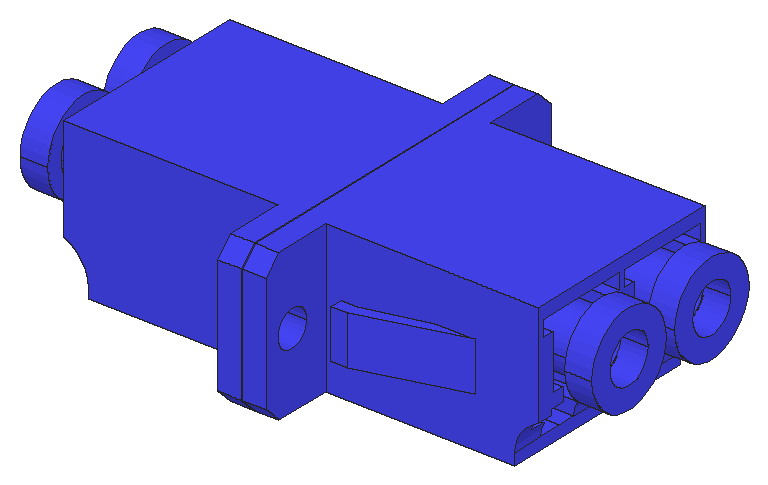
Revit family "ITK Проходной адаптер LC-LC_SM-MM_APC_Dupplex ", category Обобщенные модели, Revit 2019
Family settings
  Может служить основой для арматурных стержней = Нет
  Размер круглого соединителя = Использовать диаметр
  Тип детали = Нормальный
  На основе рабочей плоскости = Нет
  Всегда вертикально = Да
  При загрузке вырезать с полостями = Нет
  Общий = Нет
  Точка расчета площади = Нет
Parameters (values of type "UPC")
  Ширина = 35.4 mm
  Степень защиты = ""
  Материал = Пластик зеленый
  Изготовитель = "ITK"  # constant formula
  Дата изменения = ""
  URL = "https://www.iek.ru/"
  KSI_CPr_Строительные изделия = "61.1.03.04"  # constant formula
  KSI_CMa_Строительные материалы = "01.7.14.02"  # constant formula
  IEK_Цена за единицу = 90.34
  IEK_Поиск в таблице имен = ""
  IEK_Описание = "Качественное, надежное соединение для передачи сигнала.\r\nБольшой ресурс включений - 500.\r\nВысококачественный материал продукции.\r\nБольшой диапазон температур от -40°C до +75°C."
  IEK_URL = "https://www.itk-group.ru/produktsiya/catalog/oborudovanie_telekommunikatsionnoe/komponenty_sks_opticheskie/komponenty_sks_opticheskie/opticheskie_adaptery/itk_prokhodnoy_adapter_lc_lc_sm_mm_upc_duplex"
  ADSK_Примечание = ""
  ADSK_Позиция [instance] = ""
  ADSK_Наименование = "ITK Проходной адаптер LC-LC, (SM/MM), UPC, (Duplex)"
  ADSK_Материал обозначение = ""
  ADSK_Материал наименование = "Пластик"  # constant formula
  ADSK_Масса = 0
  ADSK_Марка = ""  # constant formula
  ADSK_Код изделия = "FC1-LCULCU2C-SM"
  ADSK_Завод-изготовитель = "IEK"  # constant formula
  ADSK_Единица измерения = "шт"  # constant formula
  ADSK_Группирование = "I. ЩИТЫ И ПУЛЬТЫ"  # constant formula
  ADSK_Версия семейства = "1.0"  # constant formula
  ADSK_Версия Revit = "2019"  # constant formula
  ADSK_URL страницы изделия = "https://www.itk-group.ru/produktsiya/catalog/oborudovanie_telekommunikatsionnoe/komponenty_sks_opticheskie/komponenty_sks_opticheskie/opticheskie_adaptery/"
Types (2, lengths in mm): name | Материал | IEK_Цена за единицу | IEK_URL | ADSK_Наименование | ADSK_Код изделия
  APC | Пластик синий | 92.08 | "https://www.itk-group.ru/produktsiya/catalog/oborudovanie_telekommunikatsionnoe/komponenty_sks_opticheskie/komponenty_sks_opticheskie/opticheskie_adaptery/itk_prokhodnoy_adapter_lc_lc_sm_mm_apc_duplex" | "ITK Проходной адаптер LC-LC, (SM/MM), APC, (Duplex)" | "FC1-LCALCA2C-SM"
  UPC | Пластик зеленый | 90.34 | "https://www.itk-group.ru/produktsiya/catalog/oborudovanie_telekommunikatsionnoe/komponenty_sks_opticheskie/komponenty_sks_opticheskie/opticheskie_adaptery/itk_prokhodnoy_adapter_lc_lc_sm_mm_upc_duplex" | "ITK Проходной адаптер LC-LC, (SM/MM), UPC, (Duplex)" | "FC1-LCULCU2C-SM"
Reference planes
  plane 1 "По центру (Вперед/Назад)": y = 0
  plane 2: z = 0
  plane 3 "По центру (Влево/Вправо)": x = 0
  plane 4: z = 6.25
  plane 5: x = -17.7
  plane 6: x = 17.7
Forms (mm)
  Extrusion 1, void
    sketch origin (0, 0, 0) x (1, 0, 0) y (0, 0, 1)
      loop
        line (-15.707, -4.783) -> (-13.2, -4.783) -> (-13.2, 0.592)
        arc (-13.2, 0.592) -> (-13.934, 2.365) -> (-15.707, 3.099) r 2.507
        line (-15.707, 3.099) -> (-15.707, -4.783)
    from 11 to -6.4
  Extrusion 2, solid, material "Пластик зеленый" <- "Материал", detail levels fine
    sketch origin (0, -2.355, 0) x (0, 1, 0) y (0, 0, 1)
      loop
        line (13.355, 8.3) -> (12.355, 9.3) -> (-7.645, 9.3) -> (-8.645, 8.3) -> (-8.645, 1) -> (-7.645, 0) -> (12.355, 0) -> (13.355, 1) -> (13.355, 8.3)
      loop
        circle (11.359, 4.647) r 1.14
      loop
        circle (-6.648, 4.647) r 1.14
      loop
        line (8.505, 8.5) -> (2.48, 8.5) -> (2.48, 7.5) -> (3.286, 7.5) -> (3.286, 4.102) -> (4.092, 4.102) -> (4.092, 3.25) -> (3.105, 3.25) -> (3.105, 1.6) -> (4.18, 1.6) -> (4.18, 0.735) -> (5.275, 0.735) -> (6.805, 0.735) -> (6.805, 1.6) -> (7.88, 1.6) -> (7.88, 3.25) -> (6.894, 3.25) -> (6.894, 4.102) -> (7.7, 4.102) -> (7.7, 7.5) -> (8.505, 7.5) -> (8.505, 8.5)
      loop
        line (-3.795, 8.5) -> (-3.795, 7.5) -> (-2.989, 7.5) -> (-2.989, 4.102) -> (-2.183, 4.102) -> (-2.183, 3.25) -> (-3.17, 3.25) -> (-3.17, 1.6) -> (-2.095, 1.6) -> (-2.095, 0.735) -> (-0.564, 0.735) -> (0.53, 0.735) -> (0.53, 1.6) -> (1.605, 1.6) -> (1.605, 3.25) -> (0.619, 3.25) -> (0.619, 4.102) -> (1.425, 4.102) -> (1.425, 7.5) -> (2.23, 7.5) -> (2.23, 8.5) -> (-3.795, 8.5)
    from 0 to -14.7
  Extrusion 3, void
    sketch origin (0, -2.355, 0) x (1, 0, 0) y (0, 1, 0)
      loop
        line (-1.5, 8.755) -> (-1.5, 13.355) -> (-14.7, 13.355) -> (-14.7, 8.755) -> (-1.5, 8.755)
      loop
        line (-1.5, -4.045) -> (-14.7, -4.045) -> (-14.7, -8.645) -> (-1.5, -8.645) -> (-1.5, -4.045)
    from 0 to 9.3
  Extrusion 4, void
    sketch origin (0, 0, 0) x (-1, 0, 0) y (0, 0, -1)
      loop
        line (-15.707, 4.783) -> (-15.707, -3.099)
        arc (-15.707, -3.099) -> (-13.934, -2.365) -> (-13.2, -0.592) r 2.507
        line (-13.2, -0.592) -> (-13.2, 4.783) -> (-15.707, 4.783)
    from 11 to -6.4
  Extrusion 5, solid, material "Пластик зеленый" <- "Материал", detail levels fine
    sketch origin (0, -2.355, 0) x (0, 1, 0) y (0, 0, -1)
      loop
        line (13.355, -8.3) -> (13.355, -1) -> (12.355, 0) -> (-7.645, 0) -> (-8.645, -1) -> (-8.645, -8.3) -> (-7.645, -9.3) -> (12.355, -9.3) -> (13.355, -8.3)
      loop
        circle (11.359, -4.647) r 1.14
      loop
        circle (-6.648, -4.647) r 1.14
      loop
        line (8.505, -8.5) -> (8.505, -7.5) -> (7.7, -7.5) -> (7.7, -4.102) -> (6.894, -4.102) -> (6.894, -3.25) -> (7.88, -3.25) -> (7.88, -1.6) -> (6.805, -1.6) -> (6.805, -0.735) -> (5.275, -0.735) -> (4.18, -0.735) -> (4.18, -1.6) -> (3.105, -1.6) -> (3.105, -3.25) -> (4.092, -3.25) -> (4.092, -4.102) -> (3.286, -4.102) -> (3.286, -7.5) -> (2.48, -7.5) -> (2.48, -8.5) -> (8.505, -8.5)
      loop
        line (-3.795, -8.5) -> (2.23, -8.5) -> (2.23, -7.5) -> (1.425, -7.5) -> (1.425, -4.102) -> (0.619, -4.102) -> (0.619, -3.25) -> (1.605, -3.25) -> (1.605, -1.6) -> (0.53, -1.6) -> (0.53, -0.735) -> (-0.564, -0.735) -> (-2.095, -0.735) -> (-2.095, -1.6) -> (-3.17, -1.6) -> (-3.17, -3.25) -> (-2.183, -3.25) -> (-2.183, -4.102) -> (-2.989, -4.102) -> (-2.989, -7.5) -> (-3.795, -7.5) -> (-3.795, -8.5)
    from 0 to -14.7
  Extrusion 6, void
    sketch origin (0, -2.355, 0) x (-1, 0, 0) y (0, -1, 0)
      loop
        line (-1.5, -8.755) -> (-14.7, -8.755) -> (-14.7, -13.355) -> (-1.5, -13.355) -> (-1.5, -8.755)
      loop
        line (-1.5, 4.045) -> (-1.5, 8.645) -> (-14.7, 8.645) -> (-14.7, 4.045) -> (-1.5, 4.045)
    from 0 to 9.3
  Extrusion 7, solid, material "Пластик белый", detail levels fine
    sketch origin (0, 0, 0) x (0, 1, 0) y (0, 0, 1)
      loop
        circle (3.2, 6.1) r 1.512
      loop
        circle (3.2, 6.1) r 2.836
      loop
        circle (-3.2, 6.1) r 1.512
      loop
        circle (-3.2, 6.1) r 2.836
    from -17.7 to -16
  Extrusion 8, solid, material "Пластик белый", detail levels fine
    sketch origin (0, 0, 0) x (0, 1, 0) y (0, 0, 1)
      loop
        circle (3.2, 6.1) r 1.859
      loop
        circle (3.2, 6.1) r 1.589
      loop
        circle (-3.2, 6.1) r 1.859
      loop
        circle (-3.2, 6.1) r 1.589
    from -16 to -0.8
  Extrusion 9, solid, material "Пластик белый", detail levels fine
    sketch origin (0, 0, 0) x (0, 1, 0) y (0, 0, -1)
      loop
        circle (3.2, -6.1) r 1.512
      loop
        circle (3.2, -6.1) r 2.836
      loop
        circle (-3.2, -6.1) r 1.512
      loop
        circle (-3.2, -6.1) r 2.836
    from -17.7 to -16
  Extrusion 10, solid, material "Пластик белый", detail levels fine
    sketch origin (0, 0, 0) x (0, 1, 0) y (0, 0, -1)
      loop
        circle (3.2, -6.1) r 1.859
      loop
        circle (3.2, -6.1) r 1.589
      loop
        circle (-3.2, -6.1) r 1.859
      loop
        circle (-3.2, -6.1) r 1.589
    from -16 to -0.8
  Extrusion 11, solid, material "Пластик зеленый" <- "Материал", detail levels fine
    sketch origin (0, 0, 0) x (1, 0, 0) y (0, 1, 0)
      loop
        line (3.3, 7.45) -> (4.263, 7.45) -> (8.463, 6.4) -> (10.742, 6.4) -> (4.351, 8.233) -> (3.3, 8.233) -> (3.3, 7.45)
      loop
        line (3.3, -7.45) -> (3.3, -8.233) -> (4.351, -8.233) -> (10.742, -6.4) -> (8.463, -6.4) -> (4.263, -7.45) -> (3.3, -7.45)
    from 3.15 to 6.15
  Extrusion 12, solid, material "Условный материал-отделка", detail levels coarse+medium
    sketch origin (0, 0, 0) x (1, 0, 0) y (0, 1, 0)
      loop
        line (-17.7, 11) -> (-17.7, -11) -> (17.7, -11) -> (17.7, 11) -> (-17.7, 11)
    from 0 to 9.3
Cuts and joins
  Extrusion 1, Extrusion 3, Extrusion 4, Extrusion 6 cuts Extrusion 2
  Extrusion 4, Extrusion 6 cuts Extrusion 5
Dimensions and locks
  "Ширина": plane 5 to plane 6
  aligned and locked: level to plane 2
  aligned and locked: Extrusion 7 to plane 5
  aligned and locked: Extrusion 8 to Extrusion 7
  aligned and locked: Extrusion 9 to Extrusion 10
  aligned and locked: Extrusion 12 sketch curve to cut or joined group of Extrusion 4, Extrusion 5, Extrusion 6
  aligned and locked: Extrusion 12 to cut or joined group of Extrusion 1, Extrusion 2, Extrusion 3, Extrusion 4, Extrusion 6
Automatic sketch dimensions
  plane 5 to Extrusion 1 sketch curve = 1.993 mm
  Extrusion 1 sketch curve to level = 4.783 mm
  level to Extrusion 1 sketch curve = 0.592 mm
  Extrusion 2 sketch curve to level = 0 mm
  plane 1 "По центру (Вперед/Назад)" to Extrusion 2 sketch curve = 0.125 mm
  plane 1 "По центру (Вперед/Назад)" to Extrusion 2 sketch curve = 0.75 mm
  Extrusion 2 sketch curve to Extrusion 2 sketch curve = 0.18 mm  (x2)
  Extrusion 2 sketch curve to Extrusion 2 sketch curve = 0.986 mm
  Extrusion 2 sketch curve to Extrusion 2 sketch curve = 1.075 mm  (x3)
  Extrusion 2 sketch curve to Extrusion 2 sketch curve = 1.095 mm  (x2)
  Extrusion 2 sketch curve to Extrusion 2 sketch curve = 1.53 mm  (x2)
  Extrusion 2 sketch curve to Extrusion 2 sketch curve = 0.089 mm  (x2)
  Extrusion 2 sketch curve to plane 4 = 1.25 mm  (x2)
  Extrusion 2 sketch curve to Extrusion 2 sketch curve = 0.806 mm  (x3)
  Extrusion 2 sketch curve to Extrusion 2 sketch curve = 0.805 mm  (x3)
  plane 4 to Extrusion 2 sketch curve = 1.603 mm  (x2)
  Extrusion 2 sketch curve to Extrusion 2 sketch curve = 3.658 mm  (x2)
  Extrusion 2 sketch curve to plane 4 = 3.05 mm
  Extrusion 2 sketch curve to Extrusion 2 sketch curve = 3.85 mm  (x2)
  Extrusion 2 sketch curve to Extrusion 2 sketch curve = 4.475 mm  (x2)
  Extrusion 2 sketch curve to plane 4 = 2.05 mm
  Extrusion 2 sketch curve to Extrusion 2 sketch curve = 1 mm  (x6)
  Extrusion 2 sketch curve to plane 1 "По центру (Вперед/Назад)" = 0.75 mm
  level to Extrusion 2 sketch curve = 1 mm  (x2)
  level to Extrusion 2 sketch curve = 0.735 mm  (x2)
  Extrusion 2 sketch curve to Extrusion 2 sketch curve = 0.865 mm  (x4)
  Extrusion 2 sketch curve to Extrusion 2 sketch curve = 1.65 mm  (x4)
  Extrusion 2 sketch curve to Extrusion 2 sketch curve = 0.852 mm  (x4)
  Extrusion 2 sketch curve to Extrusion 2 sketch curve = 0 mm
  plane 5 to Extrusion 3 sketch curve = 3 mm  (x2)
  Extrusion 3 sketch curve to plane 3 "По центру (Влево/Вправо)" = 1.5 mm  (x2)
  plane 1 "По центру (Вперед/Назад)" to Extrusion 3 sketch curve = 11 mm
  Extrusion 3 sketch curve to Extrusion 3 sketch curve = 4.6 mm  (x2)
  Extrusion 3 sketch curve to plane 1 "По центру (Вперед/Назад)" = 6.4 mm
  plane 6 to Extrusion 4 sketch curve = 1.993 mm
  Extrusion 4 sketch curve to Extrusion 4 sketch curve = 2.507 mm
  level to Extrusion 4 sketch curve = 4.783 mm
  Extrusion 4 sketch curve to level = 0.592 mm
  Extrusion 5 sketch curve to level = 0 mm
  Extrusion 5 sketch curve to plane 4 = 2.05 mm
  plane 1 "По центру (Вперед/Назад)" to Extrusion 5 sketch curve = 11 mm
  Extrusion 5 sketch curve to Extrusion 5 sketch curve = 1 mm  (x6)
  plane 4 to Extrusion 5 sketch curve = 1.603 mm  (x2)
  Extrusion 5 sketch curve to Extrusion 5 sketch curve = 1.997 mm
  Extrusion 5 sketch curve to Extrusion 5 sketch curve = 3.85 mm  (x2)
  level to Extrusion 5 sketch curve = 1.6 mm  (x3)
  Extrusion 5 sketch curve to Extrusion 5 sketch curve = 3.478 mm
  Extrusion 5 sketch curve to Extrusion 5 sketch curve = 0.18 mm
  Extrusion 5 sketch curve to Extrusion 5 sketch curve = 0.806 mm  (x3)
  Extrusion 5 sketch curve to Extrusion 5 sketch curve = 1.075 mm  (x3)
  level to Extrusion 5 sketch curve = 0.735 mm  (x2)
  Extrusion 5 sketch curve to Extrusion 5 sketch curve = 1.53 mm  (x2)
  Extrusion 5 sketch curve to Extrusion 5 sketch curve = 1.095 mm  (x2)
  Extrusion 5 sketch curve to Extrusion 5 sketch curve = 0.089 mm  (x2)
  plane 1 "По центру (Вперед/Назад)" to Extrusion 5 sketch curve = 0.93 mm
  plane 1 "По центру (Вперед/Назад)" to Extrusion 5 sketch curve = 0.75 mm
  plane 1 "По центру (Вперед/Назад)" to Extrusion 5 sketch curve = 0.125 mm
  Extrusion 5 sketch curve to plane 1 "По центру (Вперед/Назад)" = 0.125 mm
  Extrusion 5 sketch curve to plane 1 "По центру (Вперед/Назад)" = 0.75 mm
  Extrusion 5 sketch curve to Extrusion 5 sketch curve = 0.805 mm  (x2)
  Extrusion 5 sketch curve to plane 4 = 1.25 mm  (x2)
  Extrusion 5 sketch curve to Extrusion 5 sketch curve = 3.658 mm
  Extrusion 5 sketch curve to Extrusion 5 sketch curve = 4.475 mm
  Extrusion 5 sketch curve to plane 4 = 3.05 mm
  level to Extrusion 5 sketch curve = 1 mm  (x2)
  Extrusion 5 sketch curve to plane 4 = 2.25 mm
  Extrusion 5 sketch curve to Extrusion 5 sketch curve = 0 mm  (x2)
  plane 4 to Extrusion 5 sketch curve = 2.148 mm  (x3)
  Extrusion 5 sketch curve to Extrusion 5 sketch curve = 0.852 mm  (x4)
  Extrusion 5 sketch curve to Extrusion 5 sketch curve = 0.865 mm
  Extrusion 6 sketch curve to plane 6 = 3 mm  (x2)
  plane 3 "По центру (Влево/Вправо)" to Extrusion 6 sketch curve = 1.5 mm  (x2)
  Extrusion 6 sketch curve to plane 1 "По центру (Вперед/Назад)" = 11 mm
  Extrusion 6 sketch curve to Extrusion 6 sketch curve = 4.6 mm  (x2)
  plane 1 "По центру (Вперед/Назад)" to Extrusion 6 sketch curve = 6.4 mm
  Extrusion 7 sketch curve to Extrusion 7 sketch curve = 0 mm  (x4)
  plane 4 to Extrusion 7 sketch curve = 0.15 mm  (x2)
  plane 1 "По центру (Вперед/Назад)" to Extrusion 7 sketch curve = 3.2 mm
  Extrusion 7 sketch curve to plane 1 "По центру (Вперед/Назад)" = 3.2 mm
  Extrusion 8 sketch curve to Extrusion 8 sketch curve = 0 mm  (x4)
  plane 4 to Extrusion 8 sketch curve = 0.15 mm  (x2)
  plane 1 "По центру (Вперед/Назад)" to Extrusion 8 sketch curve = 3.2 mm
  Extrusion 8 sketch curve to plane 1 "По центру (Вперед/Назад)" = 3.2 mm
  Extrusion 9 sketch curve to Extrusion 9 sketch curve = 0 mm  (x4)
  plane 4 to Extrusion 9 sketch curve = 0.15 mm  (x2)
  plane 1 "По центру (Вперед/Назад)" to Extrusion 9 sketch curve = 3.2 mm
  Extrusion 9 sketch curve to plane 1 "По центру (Вперед/Назад)" = 3.2 mm
  Extrusion 10 sketch curve to Extrusion 10 sketch curve = 0 mm  (x4)
  plane 4 to Extrusion 10 sketch curve = 0.15 mm  (x2)
  plane 1 "По центру (Вперед/Назад)" to Extrusion 10 sketch curve = 3.2 mm
  Extrusion 10 sketch curve to plane 1 "По центру (Вперед/Назад)" = 3.2 mm
  plane 3 "По центру (Влево/Вправо)" to Extrusion 11 sketch curve = 4.263 mm
  Extrusion 11 sketch curve to Extrusion 11 sketch curve = 0.963 mm  (x2)
  Extrusion 11 sketch curve to Extrusion 11 sketch curve = 0.088 mm  (x2)
  Extrusion 11 sketch curve to Extrusion 11 sketch curve = 4.2 mm  (x2)
  Extrusion 11 sketch curve to Extrusion 11 sketch curve = 2.279 mm  (x2)
  plane 1 "По центру (Вперед/Назад)" to Extrusion 11 sketch curve = 6.4 mm
  Extrusion 11 sketch curve to Extrusion 11 sketch curve = 1.05 mm  (x2)
  Extrusion 11 sketch curve to Extrusion 11 sketch curve = 0.783 mm  (x2)
  Extrusion 1 sketch curve to Extrusion 1 sketch curve = 2.507 mm
  Extrusion 2 sketch curve to plane 1 "По центру (Вперед/Назад)" = 0.125 mm
  plane 3 "По центру (Влево/Вправо)" to Extrusion 11 sketch curve = 3.3 mm
  Extrusion 11 sketch curve to plane 1 "По центру (Вперед/Назад)" = 6.4 mm
  Extrusion 12 sketch curve to plane 5 = 0 mm
  Extrusion 12 sketch curve to plane 6 = 0 mm
  plane 1 "По центру (Вперед/Назад)" to Extrusion 12 sketch curve = 11 mm
  radius of Extrusion 2 sketch curve = 1.14 mm  (x2)
  radius of Extrusion 5 sketch curve = 1.14 mm  (x2)
  radius of Extrusion 7 sketch curve = 1.512 mm  (x2)
  radius of Extrusion 7 sketch curve = 2.836 mm  (x2)
  radius of Extrusion 8 sketch curve = 1.859 mm  (x2)
  radius of Extrusion 8 sketch curve = 1.589 mm  (x2)
  radius of Extrusion 9 sketch curve = 1.512 mm  (x2)
  radius of Extrusion 9 sketch curve = 2.836 mm  (x2)
  radius of Extrusion 10 sketch curve = 1.859 mm  (x2)
  radius of Extrusion 10 sketch curve = 1.589 mm  (x2)
